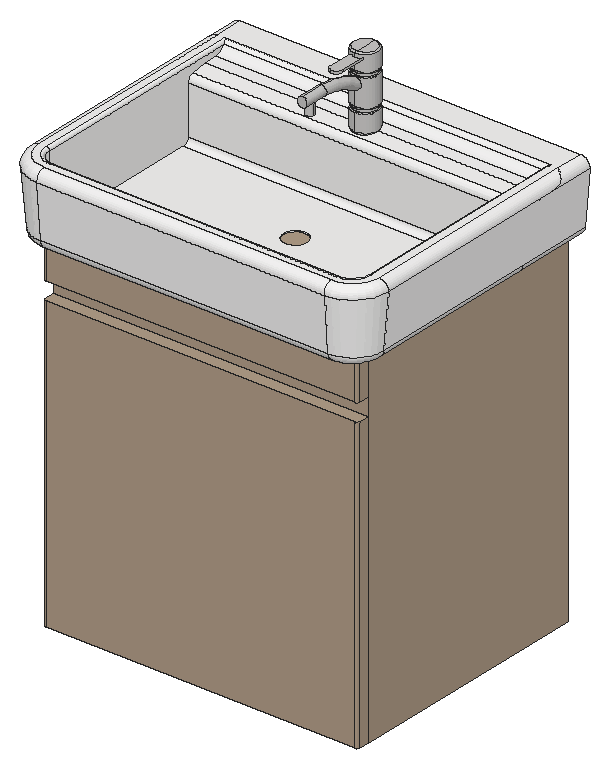
Revit family "CONV_Geberit_StorageUnits_IfoRenovaNr1Plan_60", category Furniture, Revit 2016
Family settings
  OmniClass Number = 23.40.20.21
  OmniClass Title = Toilet and Bath Specialties
  Work Plane-Based = No
  Always vertical = Yes
  Cut with Voids When Loaded = No
  Shared = No
  Room Calculation Point = No
Parameters (values of type "Ifo Renova Nr. 1 Plan Cabinet - 60 cm Elm")
  WashbasinVisibility [instance] = yes
  WarrantyStartDate [instance] = "n/a"
  WarrantyGuarantorParts = "n/a"
  WarrantyGuarantorLabor = "n/a"
  WarrantyDurationUnit = "Year"
  WarrantyDurationParts = "n/a"
  WarrantyDurationLabor = "n/a"
  WarrantyDescription = "n/a"
  VersionDate = "17/04/2018"  # constant formula
  Version = "1"  # constant formula
  Uniclass2015Reference = "Pr_40_30_78_03"
  Uniclass2015Description = "Bathroom cabinets"
  Uniclass2 = "Pr_40_30_78_06"
  URL = "https://www.ifo.se/"
  Type Comments = ""
  TagNumber [instance] = "n/a"
  SustainabilityPerformance = "n/a"
  Style = "n/a"
  Size = "600x480x810 mm"
  Shape = "Rectangular"
  SerialNumber [instance] = "n/a"
  Revision = "n/a"
  ReplacementCost = "n/a"
  ProductURL_SE = "http://www.ifo.se/produkter/mobler/"
  ProductURL_NO = "http://www.ifosanitar.no/produkter/baderomsmbler/"
  ProductURL_DK = "http://www.ifo.dk/produkter/badevrelsesmbler/"
  ProductInformation = "Ifo Renova Nr. 1 plan cabinet in moisture resistant material with soft closing cover that can be right or left mounted. The integrated handle makes the door easy to open. Washbasins are ordered separately."
  NotWashbasin [instance] = not(WashbasinVisibility)  # no
  NominalLength = 600 mm
  NominalHeight = 811.2 mm
  NominalDepth = 480 mm
  Name = "StorageUnits_IfoRenovaNr1Plan_60"
  NBSReference = "45-35-72/318"
  NBSDescription = "Bathroom cabinets"
  ModelReference = "n/a"
  ModelNumber = "44761"
  Material = "Wood, metal"
  ManufacturerURL = "https://www.ifo.se/"
  ManufacturerName = "Ifo (Geberit Group)"
  MainColor = "Wooden"
  InstallationDate [instance] = "n/a"
  ExpiringDate = "12/2018"  # constant formula
  Elevation [instance] = 500 mm
  EANNumber = "7391515443745"
  Description = ""
  Collection = "Ifo Renova"
  Model = "Ifo Renova Nr. 1 Plan Cabinet - 60 cm Elm"
  Manufacturer = "Ifo (Geberit Group)"
  IfcExportType = "CABINET"  # constant formula
  IfcExportAs = "IfcFurnitureType"  # constant formula
  Grade = "n/a"
  Finish = "n/a"
  Features = "n/a"
  ExpectedLife = "n/a"
  DurationUnit = "Year"
  Cost = 0
  ConvergoRefNr = "0132-1802-0009-SE"
  Constituents = "Washbasin sold separately"
  Color = "Wooden"
  CodePerformance = "n/a"
  Category = "Sink Cabinet"
  CabinetTertiaryMaterial = Stainless Steel, Polished
  CabinetSecondaryMaterial = Porcelain, White
  CabinetMainMaterial = Elm
  Brand = "Ifo"
  Barcode [instance] = "n/a"
  BIMObjectName = "CONV_Geberit_StorageUnits_IfoRenovaNr1Plan_60"
  Author = "Convergo AB"  # constant formula
  AssetType = "Fixed"
  AssetIdentifier [instance] = "n/a"
  AccessibilityPerformance = "n/a"
Types (4, lengths in mm): name | ModelNumber | MainColor | EANNumber | Model | Color | CabinetMainMaterial
  (no name) | "44761" | "Wooden" | "7391515443745" | "Ifo Renova Nr. 1 Plan Cabinet - 60 cm Elm" | "Wooden" | Elm
  Ifo Renova Nr. 1 Plan Cabinet - 60 cm Elm | "44761" | "Wooden" | "7391515443745" | "Ifo Renova Nr. 1 Plan Cabinet - 60 cm Elm" | "Wooden" | Elm
  Ifo Renova Nr. 1 Plan Cabinet - 60 cm White | "44759" | "White" | "7391515443721" | "Ifo Renova Nr. 1 Plan Cabinet - 60 cm White" | "White" | White
  Ifo Renova Nr. 1 Plan Cabinet - 60 cm Grey | "44760" | "Grey" | "7391515443738" | "Ifo Renova Nr. 1 Plan Cabinet - 60 cm Grey" | "Grey" | Grey
Reference planes
  plane 1 "Center (Front/Back)": y = 0
  plane 2: z = 0
  plane 3 "Center (Left/Right)": x = 0
  plane 4: z = 500
  plane 5: z = 1311.2
  plane 6: y = 240
  plane 7: y = -240
  plane 8: x = -300
  plane 9: x = 300
Forms (mm)
  Extrusion 1, solid, material "Elm" <- "CabinetMainMaterial", visible <- "WashbasinVisibility", detail levels coarse
    sketch origin (0, 0, 0) x (0, 1, 0) y (0, 0, 1)
      loop
        line (240, 1311.2) -> (-240, 1311.2) -> (-240, 500) -> (240, 500) -> (240, 1311.2)
    from 300 to -300
  Extrusion 2, solid, material "Elm" <- "CabinetMainMaterial", visible <- "NotWashbasin", detail levels coarse
    sketch origin (0, 0, 0) x (1, 0, 0) y (0, 0, 1)
      loop
        line (-263, 500) -> (263, 500) -> (263, 1079) -> (-263, 1079) -> (-263, 500)
    from 198 to -240
Lines and regions (mm)
  symbolic lines, visible <- "WashbasinVisibility", detail levels medium+fine
    curve 1: line (0, 240, 1198.983) -> (0, 153.259, 1198.983)
    curve 2: arc (0, -234.733, 1198.983) -> (0, -238.457, 1197.441) -> (0, -240, 1193.716) r 5.267
    curve 3: arc (0, -240, 1193.716) -> (0, -237.19, 1137.68) -> (0, -228.788, 1082.206) r 560.115
    curve 4: arc (0, -228.788, 1082.206) -> (0, -227.429, 1079.929) -> (0, -224.946, 1079) r 4.004
    curve 5: line (0, -224.946, 1079) -> (0, -196, 1079)
    curve 6: line (0, 240, 1198.983) -> (0, 240, 1079)
    curve 18: line (-292.385, 0, 1207.29) -> (-21.001, 0, 1207.29)
    curve 19: arc (-294.294, 0, 1207.159) -> (-293.342, 0, 1207.257) -> (-292.385, 0, 1207.29) r 13.925
    curve 20: arc (-300, 0, 1200.96) -> (-298.468, 0, 1205.276) -> (-294.294, 0, 1207.159) r 5.837
    curve 21: arc (-289.902, 0, 1086.817) -> (-295.698, 0, 1143.823) -> (-300, 0, 1200.96) r 2187.089
    curve 22: arc (-283.915, 0, 1079) -> (-288.254, 0, 1081.878) -> (-289.902, 0, 1086.817) r 7.998
    curve 23: line (-283.915, 0, 1079) -> (-263, 0, 1079)
    curve 26: line (-291.747, 240, 0) -> (0, 240, 0)
    curve 27: arc (-291.747, 240, 0) -> (-297.828, 60.159, 0) -> (-296.23, -119.777, 0) r 4216.699
    curve 28: arc (-240.794, -229.113, 0) -> (-225.72, -232.893, 0) -> (-210.264, -234.509, 0) r 109.931
    curve 39: line (0, 150.851, 1311.2) -> (0, 113.651, 1311.2)
    curve 40: line (0, 150.851, 1311.2) -> (0, 153.251, 1308.8)
    curve 41: line (0, 153.251, 1308.8) -> (0, 153.251, 1282.252)
    curve 42: line (0, 113.651, 1311.2) -> (0, 111.251, 1308.8)
    curve 43: line (0, 111.251, 1308.8) -> (0, 111.251, 1303.955)
    curve 47: line (0, 111.251, 1300.955) -> (0, 111.251, 1282.252)
    curve 48: line (0, 111.251, 1303.955) -> (0, 52.197, 1303.955)
    curve 49: line (0, 52.197, 1303.955) -> (0, 52.197, 1300.955)
    curve 50: line (0, 52.197, 1300.955) -> (0, 111.251, 1300.955)
    curve 51: line (0, 45.868, 1256.325) -> (0, 45.868, 1249.325)
    curve 52: line (0, 45.868, 1249.325) -> (0, 31.875, 1249.325)
    curve 53: line (0, 31.875, 1249.325) -> (0, 31.875, 1256.325)
    curve 54: line (0, 31.875, 1256.325) -> (0, 23.796, 1256.325)
    curve 55: line (0, 23.796, 1256.325) -> (0, 23.796, 1272.325)
    curve 56: line (0, 23.796, 1272.325) -> (0, 64.727, 1272.325)
    curve 57: arc (0, 64.727, 1272.325) -> (0, 88.54, 1269.748) -> (0, 111.251, 1262.137) r 111.325
    curve 58: line (0, 45.868, 1256.325) -> (0, 64.931, 1256.325)
    curve 59: arc (0, 64.931, 1256.325) -> (0, 88.859, 1253.269) -> (0, 111.251, 1244.296) r 95.194
    curve 62: line (0, 111.251, 1262.137) -> (0, 111.251, 1274.212)
    curve 63: line (0, 152.27, 1275.212) -> (0, 151.005, 1275.212)
    curve 64: line (0, 152.251, 1281.252) -> (0, 151.005, 1281.252)
    curve 65: arc (0, 153.251, 1282.252) -> (0, 152.958, 1281.545) -> (0, 152.251, 1281.252) r 1
    curve 66: line (0, 153.27, 1274.212) -> (0, 153.27, 1228.203)
    curve 67: line (0, 153.259, 1198.983) -> (0, 153.259, 1220.218)
    curve 68: line (0, 152.259, 1221.218) -> (0, 151.036, 1221.218)
    curve 69: line (0, 111.283, 1198.983) -> (0, 111.283, 1220.218)
    curve 70: arc (0, 153.259, 1220.218) -> (0, 152.966, 1220.925) -> (0, 152.259, 1221.218) r 1
    curve 71: arc (0, 112.283, 1221.218) -> (0, 111.576, 1220.925) -> (0, 111.283, 1220.218) r 1
    curve 72: arc (0, 153.27, 1274.212) -> (0, 152.977, 1274.919) -> (0, 152.27, 1275.212) r 1
    curve 73: arc (0, 111.251, 1274.212) -> (0, 111.543, 1274.919) -> (0, 112.251, 1275.212) r 1
    curve 74: arc (0, 112.251, 1281.252) -> (0, 111.543, 1281.545) -> (0, 111.251, 1282.252) r 1
    curve 75: line (0, 111.251, 1244.296) -> (0, 111.251, 1228.203)
    curve 76: line (0, 112.251, 1227.203) -> (0, 113.603, 1227.203)
    curve 77: arc (0, 112.251, 1227.203) -> (0, 111.543, 1227.496) -> (0, 111.251, 1228.203) r 1
    curve 78: arc (0, 152.27, 1227.203) -> (0, 152.977, 1227.496) -> (0, 153.27, 1228.203) r 1
    curve 79: line (0, 151.036, 1227.203) -> (0, 151.036, 1221.218)
    curve 80: line (0, 113.603, 1227.203) -> (0, 113.603, 1221.218)
    curve 81: line (0, 151.005, 1281.252) -> (0, 151.005, 1275.212)
    curve 82: line (0, 113.655, 1281.252) -> (0, 113.655, 1275.212)
    curve 84: line (0, 113.655, 1281.252) -> (0, 112.251, 1281.252)
    curve 86: line (0, 113.655, 1275.212) -> (0, 112.251, 1275.212)
    curve 88: line (0, 151.036, 1227.203) -> (0, 152.27, 1227.203)
    curve 90: line (0, 113.603, 1221.218) -> (0, 112.283, 1221.218)
    curve 92: line (0, 111.283, 1198.983) -> (0, -234.733, 1198.983)
    curve 94: line (-18.6, 0, 1311.213) -> (-21, 0, 1308.813)
    curve 96: line (-21, 0, 1308.813) -> (-21, 0, 1282.25)
    curve 97: line (-20, 0, 1281.25) -> (-18.68, 0, 1281.25)
    curve 98: line (-21.01, 0, 1274.298) -> (-21.01, 0, 1228.24)
    curve 99: line (-20.01, 0, 1227.24) -> (-18.645, 0, 1227.24)
    curve 100: line (-20.001, 0, 1221.269) -> (-18.645, 0, 1221.269)
    curve 101: line (-21.001, 0, 1220.269) -> (-21.001, 0, 1207.29)
    curve 102: arc (-21.001, 0, 1220.269) -> (-20.709, 0, 1220.976) -> (-20.001, 0, 1221.269) r 1
    curve 103: arc (-20.01, 0, 1227.24) -> (-20.717, 0, 1227.533) -> (-21.01, 0, 1228.24) r 1
    curve 104: arc (-21.01, 0, 1274.298) -> (-20.717, 0, 1275.005) -> (-20.01, 0, 1275.298) r 1
    curve 105: arc (-20, 0, 1281.25) -> (-20.707, 0, 1281.543) -> (-21, 0, 1282.25) r 1
    curve 108: line (-18.645, 0, 1227.24) -> (-18.645, 0, 1221.269)
    curve 109: line (-18.68, 0, 1281.25) -> (-18.68, 0, 1275.298)
    curve 110: line (-18.68, 0, 1275.298) -> (-20.01, 0, 1275.298)
    curve 127: line (-18.6, 0, 1311.213) -> (18.6, 0, 1311.213)
    curve 128: arc (294.294, 0, 1207.159) -> (293.342, 0, 1207.257) -> (292.385, 0, 1207.29) r 13.925
    curve 129: arc (300, 0, 1200.96) -> (298.468, 0, 1205.276) -> (294.294, 0, 1207.159) r 5.837
    curve 130: arc (289.902, 0, 1086.817) -> (295.698, 0, 1143.823) -> (300, 0, 1200.96) r 2187.089
    curve 131: arc (283.915, 0, 1079) -> (288.254, 0, 1081.878) -> (289.902, 0, 1086.817) r 7.998
    curve 132: line (283.915, 0, 1079) -> (263, 0, 1079)
    curve 135: line (18.6, 0, 1311.213) -> (21, 0, 1308.813)
    curve 137: line (21, 0, 1308.813) -> (21, 0, 1282.25)
    curve 138: line (20, 0, 1281.25) -> (18.68, 0, 1281.25)
    curve 139: line (21.01, 0, 1274.298) -> (21.01, 0, 1228.24)
    curve 140: line (20.01, 0, 1227.24) -> (18.645, 0, 1227.24)
    curve 141: line (20.001, 0, 1221.269) -> (18.645, 0, 1221.269)
    curve 142: line (21.001, 0, 1220.269) -> (21.001, 0, 1207.29)
    curve 143: arc (21.001, 0, 1220.269) -> (20.709, 0, 1220.976) -> (20.001, 0, 1221.269) r 1
    curve 144: arc (20.01, 0, 1227.24) -> (20.717, 0, 1227.533) -> (21.01, 0, 1228.24) r 1
    curve 145: arc (21.01, 0, 1274.298) -> (20.717, 0, 1275.005) -> (20.01, 0, 1275.298) r 1
    curve 146: arc (20, 0, 1281.25) -> (20.707, 0, 1281.543) -> (21, 0, 1282.25) r 1
    curve 149: line (18.645, 0, 1227.24) -> (18.645, 0, 1221.269)
    curve 150: line (18.68, 0, 1281.25) -> (18.68, 0, 1275.298)
    curve 151: line (18.68, 0, 1275.298) -> (20.01, 0, 1275.298)
    curve 152: arc (-210.264, -234.509, 0) -> (0.412, -240, 0) -> (211.083, -234.317, 0) r 3974.707
    curve 161: line (21.001, 0, 1207.29) -> (292.385, 0, 1207.29)
    curve 170: arc (-288.144, -185.922, 0) -> (-270.709, -214.358, 0) -> (-240.794, -229.113, 0) r 60.087
    curve 171: arc (-296.23, -119.777, 0) -> (-294.729, -153.16, 0) -> (-288.144, -185.922, 0) r 218.07
    curve 172: line (291.747, 240, 0) -> (0, 240, 0)
    curve 173: arc (291.747, 240, 0) -> (297.828, 60.159, 0) -> (296.23, -119.777, 0) r 4216.699
    curve 174: arc (240.794, -229.113, 0) -> (225.72, -232.893, 0) -> (210.264, -234.509, 0) r 109.931
    curve 192: arc (288.144, -185.922, 0) -> (270.709, -214.358, 0) -> (240.794, -229.113, 0) r 60.087
    curve 193: arc (296.23, -119.777, 0) -> (294.729, -153.16, 0) -> (288.144, -185.922, 0) r 218.07
  symbolic lines, detail levels medium+fine
    curve 7: line (0, 240, 500) -> (0, -175, 500)
    curve 8: line (0, -175, 989) -> (0, -196, 989)
    curve 10: line (0, -175, 1019) -> (0, -196, 1019)
    curve 11: line (0, -198, 1077) -> (0, -198, 1021)
    curve 12: arc (0, -198, 1021) -> (0, -197.414, 1019.586) -> (0, -196, 1019) r 2
    curve 13: arc (0, -196, 1079) -> (0, -197.414, 1078.414) -> (0, -198, 1077) r 2
    curve 14: line (0, -198, 987) -> (0, -198, 502)
    curve 15: line (0, -175, 500) -> (0, -196, 500)
    curve 16: arc (0, -196, 500) -> (0, -197.414, 500.586) -> (0, -198, 502) r 2
    curve 17: arc (0, -196, 989) -> (0, -197.414, 988.414) -> (0, -198, 987) r 2
    curve 24: line (-263, 0, 1079) -> (-263, 0, 502.053)
    curve 118: line (0, 240, 1079) -> (0, 240, 500)
    curve 133: line (263, 0, 1079) -> (263, 0, 502.226)
    curve 159: line (0, -175, 989) -> (0, -175, 1019)
    curve 166: line (-260.947, 0, 500) -> (260.774, 0, 500)
    curve 168: arc (260.774, 0, 500) -> (262.348, 0, 500.652) -> (263, 0, 502.226) r 2.226
    curve 169: arc (-260.947, 0, 500) -> (-262.399, 0, 500.601) -> (-263, 0, 502.053) r 2.053
  symbolic lines, visible <- "NotWashbasin", detail levels medium+fine
    curve 9: line (0, -175, 1079) -> (0, -196, 1079)
    curve 93: line (0, 240, 1079) -> (0, -175, 1079)
    curve 114: line (-263, 240, 0) -> (0, 240, 0)
    curve 153: line (-263, 240, 0) -> (-263, -175, 0)
    curve 154: line (-263, -175, 0) -> (-263, -191.021, 0)
    curve 155: line (-246.433, -207.588, 0) -> (0, -207.588, 0)
    curve 156: arc (-263, -191.021, 0) -> (-258.148, -202.736, 0) -> (-246.433, -207.588, 0) r 16.567
    curve 185: line (263, 240, 0) -> (0, 240, 0)
    curve 187: line (263, 240, 0) -> (263, -175, 0)
    curve 188: line (263, -175, 0) -> (263, -191.021, 0)
    curve 189: line (246.433, -207.588, 0) -> (0, -207.588, 0)
    curve 190: arc (263, -191.021, 0) -> (258.148, -202.736, 0) -> (246.433, -207.588, 0) r 16.567
  symbolic lines, detail levels fine
    curve 25: line (-242.979, 0, 1019) -> (-242.979, 0, 989)
    curve 38: line (0, -175, 500) -> (0, -175, 989)
    curve 134: line (242.547, 0, 1019) -> (242.547, 0, 989)
    curve 158: line (0, -175, 1019) -> (0, -175, 1079)
    curve 162: line (-263, 0, 1079) -> (263, 0, 1079)
    curve 164: line (-263, 0, 1019) -> (263, 0, 1019)
    curve 165: line (-263, 0, 989) -> (263, 0, 989)
    curve 167: line (0, -196, 1079) -> (0, -175, 1079)
  symbolic lines, visible <- "WashbasinVisibility", detail levels fine
    curve 29: line (-268.311, 102.941, 0) -> (-268.311, -172.372, 0)
    curve 30: arc (-268.311, -172.372, 0) -> (-260.919, -190.216, 0) -> (-243.076, -197.607, 0) r 25.235
    curve 31: arc (-246.031, 125.221, 0) -> (-261.785, 118.695, 0) -> (-268.311, 102.941, 0) r 22.279
    curve 32: circle (0, 5, 0) r 22.816 normal (0, 0, 1)
    curve 33: line (-242.818, 208.165, 0) -> (0, 208.165, 0)
    curve 34: arc (-268.249, 182.734, 0) -> (-260.801, 200.717, 0) -> (-242.818, 208.165, 0) r 25.431
    curve 35: line (-268.249, 182.734, 0) -> (-268.249, 107.394, 0)
    curve 36: arc (-268.249, 107.394, 0) -> (-268.234, 106.329, 0) -> (-268.189, 105.265, 0) r 37.533
    curve 37: line (0, -175, 1079) -> (0, 240, 1079)
    curve 44: line (0, 111.251, 1303.955) -> (0, 113.784, 1303.955)
    curve 45: line (0, 113.784, 1303.955) -> (0, 113.784, 1300.955)
    curve 46: line (0, 113.784, 1300.955) -> (0, 111.251, 1300.955)
    curve 60: arc (0, 111.251, 1262.137) -> (0, 112.923, 1253.217) -> (0, 111.251, 1244.296) r 24.624
    curve 61: arc (0, 45.868, 1256.325) -> (0, 38.871, 1260.325) -> (0, 31.875, 1256.325) r 8.118
    curve 83: line (0, 151.005, 1281.252) -> (0, 113.655, 1281.252)
    curve 85: line (0, 151.005, 1275.212) -> (0, 113.655, 1275.212)
    curve 87: line (0, 113.603, 1227.203) -> (0, 151.036, 1227.203)
    curve 89: line (0, 151.036, 1221.218) -> (0, 113.603, 1221.218)
    curve 91: line (0, 153.259, 1198.983) -> (0, 111.283, 1198.983)
    curve 95: line (-10, 0, 1303.969) -> (-10, 0, 1300.969)
    curve 106: arc (0, 0, 1272.338) -> (-8, 0, 1264.338) -> (0, 0, 1256.338) r 8
    curve 107: line (-6.996, 0, 1249.338) -> (-6.996, 0, 1260.459)
    curve 111: arc (0, 192.251, 0) -> (-21, 171.251, 0) -> (0, 150.251, 0) r 21
    curve 112: line (-7.995, 151.832, 0) -> (-7.995, 118.653, 0)
    curve 113: arc (-7.995, 118.653, 0) -> (-5.655, 112.989, 0) -> (0, 110.629, 0) r 8.024
    curve 115: line (-243.076, -197.607, 0) -> (243.076, -197.607, 0)
    curve 116: line (-246.031, 125.221, 0) -> (-7.995, 125.221, 0)
    curve 117: line (0, 153.251, 1308.8) -> (0, 111.251, 1308.8)
    curve 119: line (-18.68, 0, 1281.25) -> (18.68, 0, 1281.25)
    curve 120: line (-18.645, 0, 1221.269) -> (18.645, 0, 1221.269)
    curve 121: line (-18.645, 0, 1227.24) -> (18.645, 0, 1227.24)
    curve 122: line (-6.996, 0, 1249.338) -> (6.996, 0, 1249.338)
    curve 123: line (-18.68, 0, 1275.298) -> (18.68, 0, 1275.298)
    curve 124: line (-10, 0, 1300.969) -> (10, 0, 1300.969)
    curve 125: line (-10, 0, 1303.969) -> (10, 0, 1303.969)
    curve 126: line (-21, 0, 1308.813) -> (21, 0, 1308.813)
    curve 136: line (10, 0, 1303.969) -> (10, 0, 1300.969)
    curve 147: arc (0, 0, 1272.338) -> (8, 0, 1264.338) -> (0, 0, 1256.338) r 8
    curve 148: line (6.996, 0, 1249.338) -> (6.996, 0, 1260.459)
    curve 160: line (-21.001, 0, 1207.29) -> (21.001, 0, 1207.29)
    curve 175: line (268.311, 102.941, 0) -> (268.311, -172.372, 0)
    curve 176: arc (268.311, -172.372, 0) -> (260.919, -190.216, 0) -> (243.076, -197.607, 0) r 25.235
    curve 177: arc (246.031, 125.221, 0) -> (261.785, 118.695, 0) -> (268.311, 102.941, 0) r 22.279
    curve 178: line (242.818, 208.165, 0) -> (0, 208.165, 0)
    curve 179: arc (268.249, 182.734, 0) -> (260.801, 200.717, 0) -> (242.818, 208.165, 0) r 25.431
    curve 180: line (268.249, 182.734, 0) -> (268.249, 107.394, 0)
    curve 181: arc (268.249, 107.394, 0) -> (268.234, 106.329, 0) -> (268.189, 105.265, 0) r 37.533
    curve 182: arc (0, 192.251, 0) -> (21, 171.251, 0) -> (0, 150.251, 0) r 21
    curve 183: line (7.995, 151.832, 0) -> (7.995, 118.653, 0)
    curve 184: arc (7.995, 118.653, 0) -> (5.655, 112.989, 0) -> (0, 110.629, 0) r 8.024
    curve 186: line (246.031, 125.221, 0) -> (7.995, 125.221, 0)
  symbolic lines, visible <- "NotWashbasin", detail levels fine
    curve 157: line (-263, -175, 0) -> (0, -175, 0)
    curve 191: line (263, -175, 0) -> (0, -175, 0)
  symbolic lines, visible <- "NotWashbasin", detail levels medium
    curve 163: line (-263, 0, 1079) -> (263, 0, 1079)
Dimensions and locks
  "Elevation": plane 4 to level
  equal spacing: plane 6, plane 1 "Center (Front/Back)", plane 7
  "NominalDepth": plane 6 to plane 7
  equal spacing: plane 8, plane 3 "Center (Left/Right)", plane 9
  "NominalLength": plane 8 to plane 9
  "NominalHeight": plane 4 to plane 5
  aligned and locked: level to plane 2
  aligned and locked: nested 1 to plane 4
  aligned and locked: Extrusion 1 sketch curve to plane 4
  aligned and locked: Extrusion 1 to plane 5
  aligned and locked: Extrusion 1 to plane 4  (x4)
  aligned and locked: curve 7 to plane 4
  aligned and locked: curve 15 to plane 4
  aligned and locked: nested 2 to nested 1
  aligned and locked: nested 2 to plane 6
  aligned and locked: plane 6 to Extrusion 1
  aligned and locked: Extrusion 1 to plane 8
  aligned and locked: plane 9 to Extrusion 1
  aligned and locked: Extrusion 1 to plane 7
  aligned and locked: Extrusion 1 to curve 6
  aligned and locked: Extrusion 1 to nested 1
  aligned and locked: curve 114 to plane 6
  aligned and locked: Extrusion 2 sketch curve to plane 4
  aligned and locked: Extrusion 2 sketch curve to nested 1  (x2)
  aligned and locked: Extrusion 2 to curve 93
Automatic sketch dimensions
  curve 2 to plane 7 = 0 mm
  curve 3 to plane 7 = 0 mm
  plane 5 to curve 39 = 0 mm
  curve 2 to curve 2 = 5.267 mm
  plane 7 to curve 5 = 15.054 mm
  curve 4 to curve 4 = 0.082 mm
  plane 4 to curve 14 = 2 mm
  plane 7 to curve 14 = 42 mm
  curve 11 to curve 14 = 0 mm
  curve 17 to curve 8 = 2 mm
  curve 13 to curve 167 = 2 mm
  curve 11 to curve 10 = 2 mm
  curve 10 to curve 159 = 21 mm
  curve 55 to plane 1 "Center (Front/Back)" = 23.796 mm
  curve 54 to curve 52 = 8.079 mm
  curve 52 to curve 61 = 6.996 mm
  curve 61 to curve 51 = 6.996 mm
  plane 5 to curve 50 = 10.245 mm
  curve 55 to curve 50 = 28.401 mm
  curve 51 to curve 56 = 18.859 mm
  curve 57 to curve 59 = 0.204 mm
  curve 58 to curve 60 = 23.369 mm
  plane 5 to curve 44 = 7.245 mm
  curve 60 to curve 44 = 22.951 mm
  curve 62 to curve 43 = 0 mm
  curve 75 to curve 57 = 0 mm
  curve 46 to curve 43 = 0 mm
  curve 75 to curve 69 = 0.032 mm
  curve 73 to curve 73 = 1 mm
  curve 47 to curve 84 = 1 mm
  curve 75 to curve 76 = 1 mm
  curve 69 to curve 90 = 1 mm
  curve 76 to curve 76 = 1.352 mm
  curve 42 to curve 39 = 2.4 mm
  curve 74 to curve 83 = 1.404 mm
  curve 43 to curve 45 = 2.534 mm
  curve 39 to curve 39 = 37.2 mm
  curve 39 to curve 64 = 0.155 mm
  curve 76 to curve 79 = 37.433 mm
  curve 64 to curve 65 = 1.245 mm
  curve 68 to curve 70 = 1.223 mm
  curve 79 to curve 78 = 1.234 mm
  curve 63 to curve 72 = 1.265 mm
  plane 5 to curve 40 = 2.4 mm
  curve 39 to curve 40 = 2.4 mm
  curve 70 to curve 67 = 1 mm
  curve 72 to curve 66 = 1 mm
  plane 6 to curve 3 = 80.115 mm
  curve 8 to curve 158 = 30 mm
  curve 11 to curve 11 = 56 mm
  curve 4 to curve 4 = 4.003 mm
  curve 57 to curve 49 = 139.955 mm
  curve 57 to curve 59 = 0.13 mm
  curve 4 to curve 2 = 110.713 mm
  curve 1 to curve 70 = 21.234 mm
  curve 68 to curve 79 = 5.985 mm
  curve 75 to curve 75 = 16.093 mm
  curve 51 to curve 51 = 7 mm
  curve 51 to curve 61 = 2.882 mm
  curve 60 to curve 58 = 3.108 mm
  curve 60 to curve 73 = 12.075 mm
  curve 73 to curve 84 = 6.04 mm
  Extrusion 1 sketch curve to plane 5 = 0 mm
  Extrusion 1 sketch curve to plane 7 = 0 mm
  Extrusion 1 sketch curve to plane 6 = 0 mm
  curve 155 to plane 3 "Center (Left/Right)" = 0 mm
  curve 182 to plane 3 "Center (Left/Right)" = 0 mm
  curve 113 to plane 3 "Center (Left/Right)" = 0 mm
  curve 114 to plane 3 "Center (Left/Right)" = 0 mm
  curve 191 to plane 3 "Center (Left/Right)" = 0 mm
  curve 33 to plane 3 "Center (Left/Right)" = 0 mm
  curve 32 to plane 1 "Center (Front/Back)" = 5 mm
  curve 32 to plane 3 "Center (Left/Right)" = 0 mm
  curve 184 to plane 3 "Center (Left/Right)" = 0.029 mm
  curve 152 to plane 3 "Center (Left/Right)" = 1.393 mm
  curve 112 to curve 184 = 7.966 mm
  curve 171 to plane 3 "Center (Left/Right)" = 78.27 mm
  plane 8 to curve 28 = 93.41 mm
  curve 170 to curve 28 = 23.625 mm
  plane 8 to curve 36 = 69.283 mm
  plane 8 to curve 34 = 57.182 mm
  curve 115 to curve 170 = 12.861 mm
  curve 31 to curve 36 = 15.314 mm
  curve 155 to curve 115 = 3.357 mm
  curve 153 to curve 156 = 16.567 mm
  curve 35 to curve 34 = 25.431 mm
  curve 29 to curve 154 = 5.311 mm
  plane 8 to curve 26 = 8.253 mm
  curve 173 to plane 1 "Center (Front/Back)" = 7.624 mm
  curve 173 to plane 8 = 3618.543 mm
  plane 3 "Center (Left/Right)" to curve 113 = 0.029 mm
  curve 113 to curve 183 = 7.966 mm
  plane 3 "Center (Left/Right)" to curve 193 = 78.27 mm
  curve 174 to plane 9 = 93.41 mm
  curve 174 to curve 192 = 23.625 mm
  curve 181 to plane 9 = 69.283 mm
  curve 179 to plane 9 = 57.182 mm
  curve 192 to curve 176 = 12.861 mm
  curve 181 to curve 186 = 15.314 mm
  curve 176 to curve 189 = 3.357 mm
  curve 190 to curve 191 = 16.567 mm
  curve 179 to curve 180 = 25.431 mm
  curve 180 to curve 175 = 0.061 mm
  curve 172 to plane 9 = 8.253 mm
  curve 27 to plane 1 "Center (Front/Back)" = 7.624 mm
  plane 9 to curve 27 = 3618.543 mm
  plane 7 to curve 28 = 115.361 mm
  plane 7 to curve 171 = 113.301 mm
  plane 7 to curve 193 = 113.301 mm
  curve 192 to curve 174 = 45.325 mm
  curve 170 to curve 28 = 45.325 mm
  curve 153 to curve 170 = 5.035 mm
  curve 176 to curve 192 = 2.407 mm
  curve 153 to curve 29 = 2.628 mm
  curve 154 to curve 30 = 18.649 mm
  curve 29 to plane 1 "Center (Front/Back)" = 102.941 mm
  curve 177 to plane 1 "Center (Front/Back)" = 102.941 mm
  curve 177 to curve 181 = 4.453 mm
  curve 31 to curve 36 = 4.453 mm
  curve 183 to curve 186 = 6.568 mm
  curve 116 to curve 182 = 46.03 mm
  curve 177 to curve 179 = 57.513 mm
  plane 6 to curve 152 = 3494.707 mm
  curve 30 to curve 152 = 32.812 mm
  plane 7 to curve 28 = 10.887 mm
  curve 30 to curve 28 = 2.282 mm
  plane 8 to curve 171 = 11.856 mm
  curve 174 to curve 176 = 32.812 mm
  curve 174 to curve 152 = 0.82 mm
  plane 7 to curve 192 = 10.887 mm
  curve 192 to curve 176 = 2.282 mm
  curve 192 to plane 9 = 11.856 mm
  curve 182 to curve 111 = 21 mm
  curve 106 to curve 147 = 0 mm  (x2)
  curve 166 to plane 4 = 0 mm
  curve 106 to plane 3 "Center (Left/Right)" = 0 mm
  curve 122 to plane 3 "Center (Left/Right)" = 6.996 mm
  curve 95 to plane 3 "Center (Left/Right)" = 10 mm
  curve 127 to plane 5 = 0.013 mm
  curve 127 to curve 95 = 8.6 mm
  curve 108 to plane 3 "Center (Left/Right)" = 18.645 mm
  curve 123 to plane 3 "Center (Left/Right)" = 18.68 mm
  curve 105 to curve 97 = 1.32 mm
  curve 100 to curve 100 = 1.356 mm
  curve 110 to curve 109 = 1.329 mm
  curve 99 to curve 99 = 1.364 mm
  curve 96 to curve 105 = 1 mm
  curve 101 to curve 102 = 1 mm
  curve 98 to curve 103 = 1 mm
  plane 8 to curve 166 = 39.053 mm
  plane 8 to curve 23 = 37 mm
  plane 8 to curve 22 = 18.097 mm
  curve 23 to curve 22 = 2.011 mm
  plane 8 to curve 18 = 7.615 mm
  plane 8 to curve 20 = 5.826 mm
  curve 130 to plane 5 = 25.366 mm
  curve 130 to plane 8 = 1582.881 mm
  plane 3 "Center (Left/Right)" to curve 122 = 6.996 mm
  plane 3 "Center (Left/Right)" to curve 136 = 10 mm
  curve 125 to curve 127 = 8.6 mm
  plane 3 "Center (Left/Right)" to curve 141 = 18.645 mm
  plane 3 "Center (Left/Right)" to curve 150 = 18.68 mm
  curve 119 to curve 146 = 1.32 mm
  curve 120 to curve 143 = 1.356 mm
  curve 121 to curve 140 = 1.364 mm
  curve 123 to curve 151 = 1.329 mm
  plane 5 to curve 135 = 2.387 mm
  curve 127 to curve 135 = 2.4 mm
  curve 143 to curve 142 = 1 mm
  curve 144 to curve 139 = 1 mm
  curve 166 to plane 9 = 39.226 mm
  curve 132 to plane 9 = 37 mm
  curve 131 to plane 9 = 18.097 mm
  curve 131 to curve 132 = 2.011 mm
  curve 161 to plane 9 = 7.615 mm
  curve 129 to plane 9 = 5.826 mm
  curve 21 to plane 5 = 25.366 mm
  plane 9 to curve 21 = 1582.881 mm
  plane 5 to curve 24 = 232.2 mm
  curve 132 to curve 131 = 7.741 mm
  curve 22 to curve 22 = 7.741 mm
  curve 22 to curve 19 = 106.623 mm
  curve 131 to curve 128 = 106.623 mm
  curve 128 to curve 129 = 7.958 mm
  curve 19 to curve 20 = 7.958 mm
  curve 160 to curve 126 = 101.523 mm
  curve 18 to curve 102 = 12.979 mm
  curve 120 to curve 149 = 5.971 mm
  curve 103 to curve 122 = 21.098 mm
  curve 122 to curve 106 = 15 mm
  curve 106 to curve 139 = 9.96 mm
  curve 109 to curve 109 = 5.951 mm
  plane 5 to curve 136 = 10.231 mm
  curve 124 to curve 125 = 3 mm
  curve 164 to curve 25 = 20.021 mm
  plane 8 to curve 21 = 10.098 mm
  curve 20 to curve 18 = 1.909 mm
  curve 134 to curve 164 = 20.453 mm
  curve 131 to plane 9 = 10.098 mm
  curve 128 to curve 129 = 1.909 mm
  curve 165 to curve 132 = 90 mm
  curve 165 to curve 164 = 30 mm
  curve 106 to curve 106 = 8 mm
  plane 5 to Extrusion 2 sketch curve = 232.2 mm
  radius of curve 32 = 22.816 mm
Nested families
  nested 1: "ifo_renova_cabinet_60" at (0, 21, 500), CabinetMaterial <- "CabinetMainMaterial", type "ifo_renova_cabinet_60", detail levels medium+fine
    with CabinetMaterial Elm
  nested 2: "ifo_sink_60" at (0, 0, 1086), FaucetMaterial <- "CabinetTertiaryMaterial", WashbasinMaterial <- "CabinetSecondaryMaterial", visible <- "WashbasinVisibility", type "ifo_sink_60", detail levels medium+fine
    with WashbasinMaterial Porcelain, White, SinkWidth 600 mm, FaucetMaterial Stainless Steel, Polished
Definition of nested family "ifo_renova_cabinet_60"
  Parameters (values of type "ifo_renova_cabinet_60")
    Width = 526 mm
    CabinetMaterial [instance] = none
  Reference planes
    plane 1 "Center (Front/Back)": y = 0
    plane 2: z = 0
    plane 3 "Center (Left/Right)": x = 0
    plane 4: x = -263
    plane 5: x = 263
    plane 6: z = 586
    plane 7: y = 219
    plane 8: y = -219
  Forms (mm)
    Extrusion 1, solid, material <- "CabinetMaterial"
      sketch origin (0, 11, 0) x (1, 0, 0) y (0, 1, 0)
        loop
          line (-263, 208) -> (-263, -207) -> (263, -207) -> (263, 208) -> (-263, 208)
      from 0 to 586
    Extrusion 2, solid, material <- "CabinetMaterial"
      sketch origin (0, -35.5, 0) x (1, 0, 0) y (0, 0, 1)
        loop
          line (-262.5, 1) -> (262.5, 1) -> (262.5, 489) -> (-262.5, 489) -> (-262.5, 1)
      from 160.5 to 183.5
    Extrusion 3, solid, material <- "CabinetMaterial"
      sketch origin (0, -7, 0) x (1, 0, 0) y (0, 0, 1)
        loop
          line (-262.5, 579) -> (-262.5, 519) -> (262.5, 519) -> (262.5, 579) -> (-262.5, 579)
      from 189 to 212
    Extrusion 4, void
      sketch origin (0, 0, 0) x (1, 0, 0) y (0, 1, 0)
        loop
          line (-262.5, -209.548) -> (-269.542, -209.548) -> (-269.542, -224.548) -> (-253.94, -224.548) -> (-253.94, -219) -> (-257.5, -219)
          arc (-257.5, -219) -> (-261.036, -217.536) -> (-262.5, -214) r 5
          line (-262.5, -214) -> (-262.5, -209.548)
        loop
          arc (262.5, -214) -> (261.036, -217.536) -> (257.5, -219) r 5
          line (257.5, -219) -> (253.876, -219) -> (253.876, -223.494) -> (268.305, -223.494) -> (268.305, -210.041) -> (262.5, -210.041) -> (262.5, -214)
      from 0 to 659.383
  Cuts and joins
    Extrusion 4 cuts Extrusion 2
    Extrusion 4 cuts Extrusion 3
  Dimensions and locks
    "Width": plane 4 to plane 5
    plane 6 to level = 586 mm
    equal spacing: plane 7, plane 1 "Center (Front/Back)", plane 8
    plane 7 to plane 8 = 438 mm
    Extrusion 1 to Extrusion 2 = 489 mm
    equal spacing: plane 4, plane 3 "Center (Left/Right)", plane 5
    aligned and locked: level to plane 2
    aligned and locked: plane 4 to Extrusion 1 sketch curve
    aligned and locked: Extrusion 1 sketch curve to plane 5
    aligned and locked: plane 6 to Extrusion 1
    aligned and locked: plane 7 to Extrusion 1
  Automatic sketch dimensions
    level to Extrusion 2 sketch curve = 1 mm
    Extrusion 2 sketch curve to plane 6 = 97 mm
    plane 4 to Extrusion 2 sketch curve = 0.5 mm
    Extrusion 2 sketch curve to plane 5 = 0.5 mm
    plane 4 to Extrusion 3 sketch curve = 0.5 mm
    Extrusion 3 sketch curve to plane 5 = 0.5 mm
    Extrusion 3 sketch curve to plane 6 = 7 mm
    Extrusion 3 sketch curve to Extrusion 3 sketch curve = 60 mm
    Extrusion 1 sketch curve to plane 1 "Center (Front/Back)" = 219 mm
    plane 1 "Center (Front/Back)" to Extrusion 1 sketch curve = 196 mm
    Extrusion 4 sketch curve to plane 8 = 0 mm  (x2)
    Extrusion 4 sketch curve to plane 4 = 6.542 mm
    plane 4 to Extrusion 4 sketch curve = 0.5 mm
    plane 8 to Extrusion 4 sketch curve = 5 mm
    Extrusion 4 sketch curve to Extrusion 4 sketch curve = 3.56 mm
    Extrusion 4 sketch curve to plane 5 = 5.5 mm
    Extrusion 4 sketch curve to plane 5 = 0.5 mm
    plane 5 to Extrusion 4 sketch curve = 5.305 mm
    Extrusion 4 sketch curve to plane 8 = 4.494 mm
    Extrusion 4 sketch curve to plane 8 = 5.548 mm
    Extrusion 4 sketch curve to Extrusion 4 sketch curve = 3.959 mm
    Extrusion 4 sketch curve to Extrusion 4 sketch curve = 4.452 mm
    Extrusion 4 sketch curve to Extrusion 4 sketch curve = 3.624 mm
Definition of nested family "ifo_sink_60"
  Parameters (values of type "ifo_sink_60")
    WashbasinMaterial [instance] = none
    SinkWidth [instance] = 600 mm
    FaucetMaterial [instance] = none
  Reference planes
    plane 1 "Center (Front/Back)": y = 0
    plane 2: z = 0
    plane 3 "Center (Left/Right)": x = 0
    plane 4: z = 121
    plane 5: y = 240
    plane 6: y = -240
    plane 7: x = -300
    plane 8: x = 300
  Forms (mm)
    Sweep 1, solid, material <- "WashbasinMaterial"
      path origin (0, 0, 0) x (1, 0, 0) y (0, 1, 0)
        loop
          line (-300, 240) -> (-300, -180)
          arc (-300, -180) -> (-282.426, -222.426) -> (-240, -240) r 60
          line (-240, -240) -> (240, -240)
          arc (240, -240) -> (282.426, -222.426) -> (300, -180) r 60
          line (300, -180) -> (300, 240)
      profile origin (-300, 30, 0) x (1, 0, 0) y (0, 0, 1)
        loop
          arc (15.437, 121) -> (4.378, 116.134) -> (0.494, 104.693) r 15
          line (0.494, 104.693) -> (8.456, 13.693)
          arc (8.456, 13.693) -> (13.265, 3.941) -> (23.399, 0) r 15
          line (23.399, 0) -> (32.412, 0) -> (32.412, 116)
          arc (32.412, 116) -> (30.948, 119.536) -> (27.412, 121) r 5
          line (27.412, 121) -> (15.437, 121)
    Extrusion 2, solid, material <- "WashbasinMaterial"
      sketch origin (0, 0, 0) x (1, 0, 0) y (0, 1, 0)
        loop
          line (-315.617, 240) -> (-315.617, 88.815) -> (319.691, 88.815) -> (319.691, 240) -> (-315.617, 240)
      from -9.08 to 121
    Extrusion 3, void
      sketch origin (0, 0, 0) x (1, 0, 0) y (0, 0, 1)
        loop
          arc (-299.506, 104.693) -> (-295.622, 116.134) -> (-284.563, 121) r 15
          line (-284.563, 121) -> (-284.563, 133.522) -> (-328.685, 133.522) -> (-334.034, -19.656) -> (276.601, -19.656) -> (334.034, -19.656) -> (328.685, 133.522) -> (284.563, 133.522) -> (284.563, 121)
          arc (284.563, 121) -> (295.622, 116.134) -> (299.506, 104.693) r 15
          line (299.506, 104.693) -> (291.544, 13.693)
          arc (291.544, 13.693) -> (286.735, 3.941) -> (276.601, 0) r 15
          line (276.601, 0) -> (-276.601, 0)
          arc (-276.601, 0) -> (-286.735, 3.941) -> (-291.544, 13.693) r 15
          line (-291.544, 13.693) -> (-299.506, 104.693)
      from -295.86 to 250
    Extrusion 4, void
      sketch origin (0, 0, 0) x (0, 1, 0) y (0, 0, 1)
        loop
          arc (109.951, 91.348) -> (112.69, 98.829) -> (119.612, 102.773) r 11.587
          arc (119.612, 102.773) -> (132.885, 104.505) -> (146.251, 105.245) r 179.814
          arc (146.251, 105.245) -> (156.823, 105.603) -> (167.378, 106.297) r 333.325
          arc (167.378, 106.297) -> (177.295, 109.433) -> (184.865, 116.566) r 23.336
          arc (184.865, 116.566) -> (188.464, 119.822) -> (193.172, 121) r 10
          line (193.172, 121) -> (240, 121) -> (240, 124.904) -> (-254.995, 124.904) -> (-254.995, 0.831) -> (99.951, 0.831)
          arc (99.951, 0.831) -> (107.022, 3.76) -> (109.951, 10.831) r 10
          line (109.951, 10.831) -> (109.951, 91.348)
      from -383.857 to 369.161
    Extrusion 5, solid, material <- "WashbasinMaterial"
      sketch origin (0, 0, 0) x (1, 0, 0) y (0, 1, 0)
        loop
          line (-267.588, 88.815) -> (-267.588, -180)
          arc (-267.588, -180) -> (-259.508, -199.508) -> (-240, -207.588) r 27.588
          line (-240, -207.588) -> (240, -207.588)
          arc (240, -207.588) -> (259.508, -199.508) -> (267.588, -180) r 27.588
          line (267.588, -180) -> (267.588, 88.815) -> (-267.588, 88.815)
      from 0 to 0.831
    Extrusion 6, void
      sketch origin (0, 0, 0) x (1, 0, 0) y (0, 1, 0)
        loop
          circle (0, 0) r 20
      from 0 to 250
    Revolve 7, solid, material <- "FaucetMaterial"
      sketch origin (0, -36, 0) x (0, 1, 0) y (0, 0, 1)
        loop
          line (182.251, 225.245) -> (182.251, 99.366) -> (203.251, 99.366) -> (203.251, 105.245) -> (203.251, 134.245)
          arc (203.251, 134.245) -> (202.958, 134.952) -> (202.251, 135.245) r 1
          line (202.251, 135.245) -> (201.4, 135.245)
          arc (201.4, 135.245) -> (201.047, 135.391) -> (200.9, 135.745) r 0.5
          line (200.9, 135.745) -> (200.9, 140.745)
          arc (200.9, 140.745) -> (201.047, 141.098) -> (201.4, 141.245) r 0.5
          line (201.4, 141.245) -> (202.251, 141.245)
          arc (202.251, 141.245) -> (202.958, 141.538) -> (203.251, 142.245) r 1
          line (203.251, 142.245) -> (203.251, 188.245)
          arc (203.251, 188.245) -> (202.958, 188.952) -> (202.251, 189.245) r 1
          line (202.251, 189.245) -> (201.4, 189.245)
          arc (201.4, 189.245) -> (201.047, 189.391) -> (200.9, 189.745) r 0.5
          line (200.9, 189.745) -> (200.9, 194.745)
          arc (200.9, 194.745) -> (201.047, 195.098) -> (201.4, 195.245) r 0.5
          line (201.4, 195.245) -> (202.251, 195.245)
          arc (202.251, 195.245) -> (202.958, 195.538) -> (203.251, 196.245) r 1
          line (203.251, 196.245) -> (203.251, 222.845) -> (200.851, 225.245) -> (182.251, 225.245)
        axis (182.251, 225.245) -> (182.251, 99.366)
      angle from 0 to 360
    Sweep 8, solid, material <- "FaucetMaterial"
      path origin (0, -24.677, -9.522) x (0, 1, 0) y (0, 0, 1)
        loop
          line (39.677, 207.211) -> (79.677, 207.211)
          arc (79.677, 207.211) -> (126.095, 199.089) -> (166.996, 175.688) r 136.698
      profile origin (0, 35, 197.689) x (0, 0, 1) y (1, 0, 0)
        loop
          circle (0, 0) r 8
    Extrusion 9, solid, material <- "FaucetMaterial"
      sketch origin (0, 21.356, 0) x (1, 0, 0) y (0, 1, 0)
        loop
          circle (0, 8.871) r 6.996
      from 174.892 to 193.142
    Extrusion 10, solid, material <- "FaucetMaterial"
      sketch origin (0, 54, 0) x (1, 0, 0) y (0, 1, 0)
        loop
          line (-10, 89.577) -> (-10, 32.197)
          arc (-10, 32.197) -> (0, 22.197) -> (10, 32.197) r 10
          line (10, 32.197) -> (10, 89.577) -> (-10, 89.577)
      from 218 to 215
  Cuts and joins
    Extrusion 3, Extrusion 6 cuts Sweep 1
    Extrusion 3, Extrusion 4, Extrusion 6 cuts Extrusion 2
    Extrusion 6 cuts Extrusion 5
    joined: Sweep 1, Extrusion 2, Extrusion 5
    joined: Revolve 7, Sweep 8, Extrusion 9, Extrusion 10
  Dimensions and locks
    equal spacing: plane 7, plane 3 "Center (Left/Right)", plane 8
    "SinkWidth": plane 7 to plane 8
    equal spacing: plane 6, plane 1 "Center (Front/Back)", plane 5
    plane 6 to plane 5 = 480 mm
    plane 4 to level = 121 mm
    aligned and locked: level to plane 2
  Automatic sketch dimensions
    Sweep 1 sketch curve to plane 7 = 0 mm
    plane 6 to Sweep 1 sketch curve = 0 mm
    Sweep 1 sketch curve to plane 8 = 0 mm
    plane 5 to Sweep 1 sketch curve = 0 mm  (x2)
    plane 7 to Sweep 1 sketch curve = 60 mm
    Sweep 1 sketch curve to plane 6 = 60 mm
    plane 5 to Extrusion 2 sketch curve = 0 mm
    Extrusion 2 sketch curve to Extrusion 2 sketch curve = 151.185 mm
    plane 8 to Extrusion 2 sketch curve = 19.691 mm
    Extrusion 2 sketch curve to plane 7 = 15.617 mm
    Extrusion 3 sketch curve to plane 4 = 0 mm  (x2)
    Extrusion 3 sketch curve to level = 0 mm
    Extrusion 3 sketch curve to plane 7 = 34.034 mm
    plane 4 to Extrusion 3 sketch curve = 12.522 mm  (x2)
    Extrusion 3 sketch curve to plane 7 = 28.685 mm
    plane 7 to Extrusion 3 sketch curve = 0.494 mm
    plane 7 to Extrusion 3 sketch curve = 8.456 mm
    plane 7 to Extrusion 3 sketch curve = 15.437 mm
    Extrusion 3 sketch curve to Extrusion 3 sketch curve = 14.943 mm
    Extrusion 3 sketch curve to plane 8 = 23.399 mm  (x2)
    Extrusion 3 sketch curve to plane 8 = 15.437 mm
    Extrusion 3 sketch curve to plane 8 = 8.456 mm
    Extrusion 3 sketch curve to plane 8 = 0.494 mm
    plane 8 to Extrusion 3 sketch curve = 28.685 mm
    plane 8 to Extrusion 3 sketch curve = 34.034 mm
    Extrusion 3 sketch curve to Extrusion 3 sketch curve = 19.656 mm
    level to Extrusion 3 sketch curve = 13.693 mm  (x2)
    Extrusion 3 sketch curve to plane 4 = 16.307 mm  (x2)
    Sweep 1 sketch curve to profile plane = 0.494 mm
    Sweep 1 sketch curve to profile plane = 8.456 mm
    Sweep 1 sketch curve to profile plane = 15.437 mm
    Sweep 1 sketch curve to Sweep 1 sketch curve = 14.943 mm
    Sweep 1 sketch curve to Sweep 1 sketch curve = 11.975 mm
    Sweep 1 sketch curve to Sweep 1 sketch curve = 9.013 mm
    level to Sweep 1 sketch curve = 13.693 mm
    Sweep 1 sketch curve to Sweep 1 sketch curve = 91 mm
    Sweep 1 sketch curve to Sweep 1 sketch curve = 1.307 mm
    Sweep 1 sketch curve to level = 0 mm
    Extrusion 4 sketch curve to plane 4 = 0 mm
    Extrusion 4 sketch curve to plane 5 = 0 mm
    plane 5 to Extrusion 4 sketch curve = 46.828 mm
    plane 4 to Extrusion 4 sketch curve = 8.555 mm
    Extrusion 4 sketch curve to Extrusion 4 sketch curve = 27.694 mm
    plane 5 to Extrusion 4 sketch curve = 90.505 mm
    plane 5 to Extrusion 4 sketch curve = 99.764 mm
    Extrusion 4 sketch curve to plane 4 = 29.652 mm
    Extrusion 4 sketch curve to Extrusion 4 sketch curve = 43.94 mm
    Extrusion 4 sketch curve to Extrusion 4 sketch curve = 11.587 mm
    Extrusion 4 sketch curve to Extrusion 4 sketch curve = 10 mm  (x2)
    plane 4 to Extrusion 4 sketch curve = 3.904 mm
    plane 6 to Extrusion 4 sketch curve = 14.995 mm
    level to Extrusion 4 sketch curve = 0.831 mm
    Extrusion 4 sketch curve to level = 74.54 mm
    Extrusion 4 sketch curve to Extrusion 4 sketch curve = 308.96 mm
    Extrusion 4 sketch curve to Extrusion 4 sketch curve = 0 mm  (x3)
    plane 7 to Extrusion 5 sketch curve = 32.412 mm
    Extrusion 5 sketch curve to Extrusion 5 sketch curve = 27.588 mm  (x2)
    Extrusion 5 sketch curve to plane 8 = 60 mm
    Extrusion 5 sketch curve to plane 6 = 32.412 mm
    Extrusion 5 sketch curve to plane 1 "Center (Front/Back)" = 88.815 mm
    plane 1 "Center (Front/Back)" to Extrusion 6 sketch curve = 0 mm
    Extrusion 6 sketch curve to plane 3 "Center (Left/Right)" = 0 mm
    Sweep 8 sketch curve to plane 3 "Center (Left/Right)" = 0 mm
    Sweep 8 sketch curve to profile plane = 0 mm
    Extrusion 9 sketch curve to plane 3 "Center (Left/Right)" = 0 mm
    Extrusion 9 sketch curve to plane 1 "Center (Front/Back)" = 30.227 mm
    plane 5 to Revolve 7 sketch curve = 93.749 mm
    Revolve 7 sketch curve to Revolve 7 sketch curve = 18.6 mm
    Revolve 7 sketch curve to Revolve 7 sketch curve = 0.05 mm
    plane 5 to Revolve 7 sketch curve = 75.1 mm
    Revolve 7 sketch curve to Revolve 7 sketch curve = 0.5 mm  (x4)
    Revolve 7 sketch curve to Revolve 7 sketch curve = 0.85 mm  (x4)
    Revolve 7 sketch curve to Revolve 7 sketch curve = 21 mm
    Revolve 7 sketch curve to Revolve 7 sketch curve = 2.4 mm  (x2)
    Revolve 7 sketch curve to Revolve 7 sketch curve = 1 mm
    Revolve 7 sketch curve to plane 4 = 21.634 mm
    Revolve 7 sketch curve to Revolve 7 sketch curve = 5.878 mm
    plane 4 to Revolve 7 sketch curve = 13.245 mm
    Revolve 7 sketch curve to Revolve 7 sketch curve = 5 mm  (x2)
    Revolve 7 sketch curve to Revolve 7 sketch curve = 46 mm
    Revolve 7 sketch curve to Revolve 7 sketch curve = 26.6 mm
    Revolve 7 sketch curve to Revolve 7 sketch curve = 18.65 mm
    plane 4 to Revolve 7 sketch curve = 12.127 mm
    Revolve 7 sketch curve to Revolve 7 sketch curve = 7.118 mm
    Extrusion 10 sketch curve to plane 3 "Center (Left/Right)" = 0 mm
    Extrusion 10 sketch curve to plane 3 "Center (Left/Right)" = 10 mm
    Extrusion 10 sketch curve to plane 1 "Center (Front/Back)" = 86.197 mm
    Extrusion 10 sketch curve to Extrusion 10 sketch curve = 57.38 mm
    Sweep 8 sketch curve to plane 1 "Center (Front/Back)" = 55 mm
    Sweep 8 sketch curve to plane 4 = 60.009 mm
    Sweep 8 sketch curve to plane 1 "Center (Front/Back)" = 15 mm
    plane 4 to Sweep 8 sketch curve = 45.166 mm
    Sweep 8 sketch curve to Sweep 8 sketch curve = 87.319 mm
    radius of Extrusion 6 sketch curve = 20 mm
    radius of Sweep 8 sketch curve = 8 mm
    radius of Extrusion 9 sketch curve = 6.996 mm
